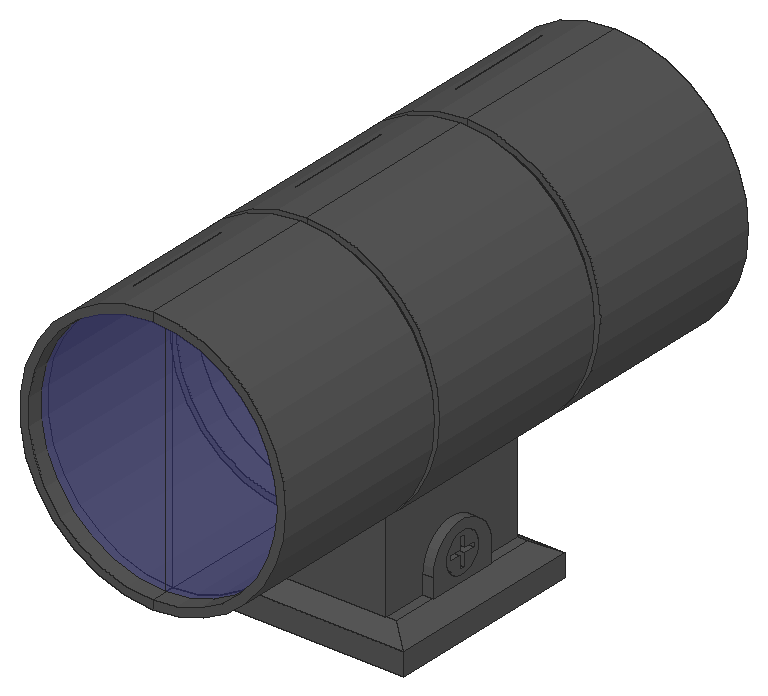
Revit family "CARLO CYLINDER LIGHT WALL MOUNT", category Lighting Fixtures, host Face, Revit 2020 (continued)
Definition of nested family "CARLO CYLINDER (BASE)"
  Reference planes (in)
    plane 1 "Center (Front/Back)": y = 0
    plane 2: z = 0
    plane 3 "Center (Left/Right)": x = 0
    plane 4: z = 8.34
    plane 5: y = 2.265
    plane 6: y = -2.265
    plane 7: x = -2.265
    plane 8: x = 2.265
    plane 9: z = 0.5
    plane 10: z = 0.75
    plane 11: z = 2.00085
    plane 12: x = 1.51275
    plane 13: x = 1.76275
    plane 14: x = -1.51275
    plane 15: x = -1.76275
    plane 16: z = 2.69155
    plane 17: z = 5.51577
    plane 18: y = 6.5
    plane 19: y = -6.5
    plane 20: y = 6.36907
    plane 21: y = 5.61907
    plane 22: y = 1.84375
    plane 23: y = -1.84375
    plane 24: z = 3
  Forms (in)
    Extrusion 1, solid, material <- "Body Material"
      sketch origin (0, 0, 0) x (1, 0, 0) y (0, 1, 0)
        loop
          line (-2.265, 2.265) -> (-2.265, -2.265) -> (2.265, -2.265) -> (2.265, 2.265) -> (-2.265, 2.265)
      from 0 to 0.5
    Blend 2, solid, material <- "Body Material"
      base sketch origin (0, 0, 0) x (1, 0, 0) y (0, 1, 0)
        loop
          line (2.265, 2.265) -> (-2.265, 2.265) -> (-2.265, -2.265) -> (2.265, -2.265) -> (2.265, 2.265)
      top sketch origin (0, 0, 0) x (1, 0, 0) y (0, 1, 0)
        loop
          line (-1.73314, 1.84375) -> (-1.73314, -1.84375) -> (1.76686, -1.84375) -> (1.76686, 1.84375) -> (-1.73314, 1.84375)
      from 0.5 to 0.75
    Extrusion 3, solid, material <- "Body Material"
      sketch origin (0, 0, 0) x (0, 1, 0) y (0, 0, 1)
        loop
          line (0.81453, 0.75) -> (0.81453, 1.16998)
          arc (0.81453, 1.16998) -> (0, 1.98451) -> (-0.81453, 1.16998) r 0.81453
          line (-0.81453, 1.16998) -> (-0.81453, 0.75) -> (0.81453, 0.75)
        loop
          circle (0, 1.33065) r 0.43665
      from 1.51275 to 1.76275
    Extrusion 4, solid, material <- "Body Material"
      sketch origin (0, 0, 0) x (0, 1, 0) y (0, 0, -1)
        loop
          line (0.81453, -0.75) -> (-0.81453, -0.75) -> (-0.81453, -1.16998)
          arc (-0.81453, -1.16998) -> (0, -1.98451) -> (0.81453, -1.16998) r 0.81453
          line (0.81453, -1.16998) -> (0.81453, -0.75)
        loop
          circle (0, -1.33065) r 0.43665
      from 1.51275 to 1.76275
    Extrusion 5, solid, material <- "Body Material"
      sketch origin (0, 0, 0) x (0, 1, 0) y (0, 0, 1)
        loop
          circle (0, 1.33065) r 0.43665
        loop
          line (0.06181, 1.67013) -> (-0.06181, 1.67013) -> (-0.06181, 1.40638) -> (-0.34555, 1.40638) -> (-0.34555, 1.28924) -> (-0.06181, 1.28924) -> (-0.06181, 1.00248) -> (0.06181, 1.00248) -> (0.06181, 1.28924) -> (0.3346, 1.28924) -> (0.3346, 1.40638) -> (0.06181, 1.40638) -> (0.06181, 1.67013)
      from -1.76275 to 1.76686
    Extrusion 6, solid, material <- "Body Material"
      sketch origin (0, 0, 0.1273) x (1, 0, 0) y (0, 0, 1)
        loop
          line (-1.51275, 2.85833) -> (-1.51275, 0.54294) -> (1.51275, 0.54294) -> (1.51275, 2.8727)
          arc (1.51275, 2.8727) -> (0.00194, 2.45618) -> (-1.51275, 2.85833) r 3
      from -1.84375 to 1.84375
  Dimensions and locks (in)
    plane 4 to plane 2 = 0' - 8.34"
    equal spacing: plane 7, plane 3 "Center (Left/Right)", plane 8
    "BOTTOM WIDTH": plane 7 to plane 8
    equal spacing: plane 5, plane 1 "Center (Front/Back)", plane 6
    "BOTTOM LENGTH": plane 5 to plane 6
    locked: plane 9 to plane 2 at 0.5
    locked: plane 10 to plane 9 at 0.25
    locked: plane 12 to plane 3 "Center (Left/Right)" at 1.51275
    locked: plane 13 to plane 12 at 0.25
    locked: plane 15 to plane 14 at 0.25
    equal spacing: plane 4, plane 17, plane 16
    equal spacing: plane 18, plane 1 "Center (Front/Back)", plane 19
    plane 18 to plane 19 = 1' - 1"
    locked: plane 20 to plane 21 at 0.75
    locked: plane 18 to plane 21 at 0.88093
    "BOTTOM WIDTH 1": plane 14 to plane 12
    locked: plane 5 to plane 22 at 0.42125
    locked: plane 6 to plane 23 at 0.42125
    "H": plane 24 to plane 2
    "Base Curve": radius of Extrusion 6 sketch curve
    aligned and locked: plane 2 to level
    aligned and locked: Extrusion 1 sketch curve to plane 5
    aligned and locked: plane 7 to Extrusion 1 sketch curve
    aligned and locked: plane 6 to Extrusion 1 sketch curve
    aligned and locked: Extrusion 1 sketch curve to plane 8
    aligned and locked: Extrusion 1 to plane 2
    aligned and locked: plane 9 to Extrusion 1
    aligned and locked: Blend 2 to plane 9
    aligned and locked: plane 10 to Blend 2
    aligned and locked: Extrusion 3 sketch curve to plane 10
    aligned and locked: Extrusion 3 to plane 12
    aligned and locked: plane 13 to Extrusion 3
    aligned and locked: Extrusion 4 to plane 14
    aligned and locked: plane 15 to Extrusion 4
    aligned and locked: Extrusion 4 to plane 10
    aligned and locked: Extrusion 3 to plane 10
    aligned and locked: plane 14 to Extrusion 6 sketch curve
    aligned and locked: Extrusion 6 sketch curve to plane 12
    aligned and locked: Extrusion 6 to plane 22
    aligned and locked: plane 23 to Extrusion 6
    aligned and locked: plane 24 to Extrusion 6
  Automatic sketch dimensions
    Blend 2 sketch curve to plane 5 = 0' - 0"
    Blend 2 sketch curve to plane 7 = 0' - 0"
    Blend 2 sketch curve to plane 6 = 0' - 0"
    Blend 2 sketch curve to plane 8 = 0' - 0"
    Blend 2 sketch curve to plane 15 = 0' - 0.02961"
    plane 13 to Blend 2 sketch curve = 0' - 0.00411"
    plane 6 to Blend 2 sketch curve = 0' - 0.42125"
    Blend 2 sketch curve to plane 5 = 0' - 0.42125"
    Extrusion 3 sketch curve to plane 1 "Center (Front/Back)" = 0' - 0"  (x2)
    plane 1 "Center (Front/Back)" to Extrusion 3 sketch curve = 0' - 0.81453"
    plane 10 to Extrusion 3 sketch curve = 0' - 0.41998"
    Extrusion 3 sketch curve to Extrusion 3 sketch curve = 0' - 0.16067"
    Extrusion 4 sketch curve to plane 10 = 0' - 0"
    Extrusion 4 sketch curve to plane 1 "Center (Front/Back)" = 0' - 0"  (x2)
    plane 1 "Center (Front/Back)" to Extrusion 4 sketch curve = 0' - 0.81453"
    plane 10 to Extrusion 4 sketch curve = 0' - 0.41998"
    Extrusion 4 sketch curve to Extrusion 4 sketch curve = 0' - 0.16067"
    Extrusion 5 sketch curve to Extrusion 5 sketch curve = 0' - 0"  (x3)
    Extrusion 5 sketch curve to plane 1 "Center (Front/Back)" = 0' - 0"
    plane 1 "Center (Front/Back)" to Extrusion 5 sketch curve = 0' - 0.06181"  (x2)
    Extrusion 5 sketch curve to Extrusion 5 sketch curve = 0' - 0.28375"
    Extrusion 5 sketch curve to plane 1 "Center (Front/Back)" = 0' - 0.06181"  (x2)
    Extrusion 5 sketch curve to Extrusion 5 sketch curve = 0' - 0.27279"
    plane 10 to Extrusion 5 sketch curve = 0' - 0.25248"
    Extrusion 5 sketch curve to Extrusion 5 sketch curve = 0' - 0.28676"
    Extrusion 5 sketch curve to Extrusion 5 sketch curve = 0' - 0.04141"
    Extrusion 5 sketch curve to Extrusion 5 sketch curve = 0' - 0.11714"  (x2)
    Extrusion 5 sketch curve to Extrusion 5 sketch curve = 0' - 0.26375"
    Extrusion 5 sketch curve to Extrusion 5 sketch curve = 0' - 0.0911"
    Extrusion 6 sketch curve to plane 24 = 0' - 0"
    Extrusion 6 sketch curve to plane 3 "Center (Left/Right)" = 0' - 0.0123"
    Extrusion 6 sketch curve to plane 10 = 0' - 0.07975"
    radius of Extrusion 3 sketch curve = 0' - 0.43665"
    radius of Extrusion 4 sketch curve = 0' - 0.43665"
Definition of nested family "CARLO CYLINDER (LIGHT)"
  Parameters (values of type "CARLO CYLINDER (LIGHT)")
    LIGHT RADIUS [instance] = LIGHT DIA / 2  # 0' - 1"
    LIGHT LENGTH [instance] = 1' - 0 127/128"
    LIGHT DIA [instance] = 0' - 2"
    L1 [instance] = LIGHT LENGTH / 3  # 0' - 4.33073"
    Glass [instance] = none
    Default Elevation = 0' - 0"
    Body [instance] = none
  Reference planes (in)
    plane 1 "Center (Front/Back)": y = 0
    plane 2: z = 0
    plane 3 "Center (Left/Right)": x = 0
    plane 4: z = 1
    plane 5: x = 12.99219
    plane 6: x = 4.33073
    plane 7: x = 8.66146
    plane 8: x = 6.49609
  Forms (in)
    Revolve 1, solid, material <- "Body"
      sketch origin (0, 0, 0) x (1, 0, 0) y (0, 0, 1)
        loop
          line (0, 1) -> (0, 0.80469) -> (3.96047, 0.80469) -> (3.96047, 0.64844) -> (4.52604, 0.64844) -> (4.52604, 0.80469) -> (8.46615, 0.80469) -> (8.46615, 0.64844) -> (9.03255, 0.64844) -> (9.03255, 0.80469) -> (12.99219, 0.80469) -> (12.99219, 1) -> (8.83724, 1) -> (8.83724, 0.84375) -> (8.66146, 0.84375) -> (8.66146, 1) -> (4.33073, 1) -> (4.33073, 0.84375) -> (4.15578, 0.84375) -> (4.15578, 1) -> (0, 1)
        axis (12.99219, 0) -> (0, 0)
      angle from 0 to 360
    Revolve 2, solid, material <- "Glass"
      sketch origin (0, 0, 0) x (1, 0, 0) y (0, 0, 1)
        loop
          line (0.35904, 0.80463) -> (0.35904, 0) -> (0.55436, 0) -> (0.55436, 0.80463) -> (0.35904, 0.80463)
        loop
          line (12.63314, 0.80463) -> (12.43783, 0.80463) -> (12.43783, 0) -> (12.63314, 0) -> (12.63314, 0.80463)
        axis (0.35904, 0) -> (12.63314, 0)
      angle from 0 to 360
  Dimensions and locks (in)
    "LIGHT RADIUS": plane 4 to plane 2
    "LIGHT LENGTH": plane 5 to plane 3 "Center (Left/Right)"
    "L1": plane 6 to plane 3 "Center (Left/Right)"
    "L1": plane 5 to plane 7
    locked: Revolve 1 sketch curve to Revolve 1 sketch curve at 0.19531  (x9)
    locked: plane 4 to Revolve 2 sketch curve at 0.19537  (x2)
    locked: Revolve 2 sketch curve to plane 3 "Center (Left/Right)" at 0.35904
    locked: Revolve 2 sketch curve to Revolve 2 sketch curve at 0.19531  (x2)
    equal spacing: plane 5, plane 8, plane 3 "Center (Left/Right)"
    locked: plane 5 to Revolve 2 sketch curve at 0.35904
    aligned and locked: plane 2 to level
    aligned and locked: Revolve 1 sketch curve to plane 5
    aligned and locked: Revolve 1 sketch curve to plane 3 "Center (Left/Right)"
    aligned and locked: Revolve 1 sketch curve to plane 4
    aligned and locked: plane 6 to Revolve 1 sketch curve
    aligned and locked: Revolve 1 sketch curve to plane 7
    aligned and locked: Revolve 2 sketch curve to plane 2  (x2)
    aligned and locked: level to Revolve 1 sketch curve
    aligned and locked: plane 2 to Revolve 2 sketch curve
  Automatic sketch dimensions
    Revolve 2 sketch curve to plane 3 "Center (Left/Right)" = 0' - 1.39096"
    Revolve 2 sketch curve to Revolve 2 sketch curve = 0' - 1"
    Revolve 1 sketch curve to plane 4 = 0' - 0"  (x2)
    Revolve 1 sketch curve to plane 6 = 0' - 0.37026"
    Revolve 1 sketch curve to Revolve 1 sketch curve = 0' - 0 45/256"
    Revolve 1 sketch curve to Revolve 1 sketch curve = 0' - 0 5/32"  (x2)
    Revolve 1 sketch curve to plane 5 = 0' - 1.49326"
    Revolve 1 sketch curve to plane 5 = 0' - 0.35994"
Types (10): name | Wattage_Input | Wattage Comments | Wattage | Photometric Web File | built-in parameter 1150142 | Model | built-in parameter 1150105 | Lumens | Light Length 1 | LIGHT RADIUS | LIGHT PLACEMENT | LIGHT LENGTH | LIGHT DIA | built-in parameter 1150106 | FIXED END HEIGHT | Curve base Height | Base Curve | BEAMING ANGLE | Apparent Load
  (no name) | 35 W | "22W/29W/35W" | 19.5231 W | "CCL6 35W 3000K 25° (up and down light).IES" | "IESNA:LM-63-2002\r\n[TEST] CCL6 35W 3000K 25¡ã (up and down light)\r\n[TESTLAB] EVERFINE\r\n[TESTDATE] 2024-07-06\r\n[ISSUEDATE] 2024-07-06 04:46:50\r\n[NEARFIELD] \r\n[LAMPPOSITION] 0,0\r\n[OTHER] EVERFINE GO-2000_V1 SYSTEM\r\n[MANUFAC] Aboveall lighting\r\nTILT=NONE\r\n1 2994.4 1 361 73 1 2 0.000 0.000 0.000\r\n1.000 1 36.1824\r\n0.0    0.5    1.0    1.5    2.0    2.5    3.0    3.5    4.0    4.5    \r\n 5.0    5.5    6.0    6.5    7.0    7.5    8.0    8.5    9.0    9.5    \r\n 10.0   10.5   11.0   11.5   12.0   12.5   13.0   13.5   14.0   14.5   \r\n 15.0   15.5   16.0   16.5   17.0   17.5   18.0   18.5   19.0   19.5   \r\n 20.0   20.5   21.0   21.5   22.0   22.5   23.0   23.5   24.0   24.5   \r\n 25.0   25.5   26.0   26.5   27.0   27.5   28.0   28.5   29.0   29.5   \r\n 30.0   30.5   31.0   31.5   32.0   32.5   33.0   33.5   34.0   34.5   \r\n 35.0   35.5   36.0   36.5   37.0   37.5   38.0   38.5   39.0   39.5   \r\n 40.0   40.5   41.0   41.5   42.0   42.5   43.0   43.5   44.0   44.5   \r\n 45.0   45.5   46.0   46.5   47.0   47.5   48.0   48.5   49.0   49.5   \r\n 50.0   50.5   51.0   51.5   52.0   52.5   53.0   53.5   54.0   54.5   \r\n 55.0   55.5   56.0   56.5   57.0   57.5   58.0   58.5   59.0   59.5   \r\n 60.0   60.5   61.0   61.5   62.0   62.5   63.0   63.5   64.0   64.5   \r\n 65.0   65.5   66.0   66.5   67.0   67.5   68.0   68.5   69.0   69.5   \r\n 70.0   70.5   71.0   71.5   72.0   72.5   73.0   73.5   74.0   74.5   \r\n 75.0   75.5   76.0   76.5   77.0   77.5   78.0   78.5   79.0   79.5   \r\n 80.0   80.5   81.0   81.5   82.0   82.5   83.0   83.5   84.0   84.5   \r\n 85.0   85.5   86.0   86.5   87.0   87.5   88.0   88.5   89.0   89.5   \r\n 90.0   90.5   91.0   91.5   92.0   92.5   93.0   93.5   94.0   94.5   \r\n 95.0   95.5   96.0   96.5   97.0   97.5   98.0   98.5   99.0   99.5   \r\n 100.0  100.5  101.0  101.5  102.0  102.5  103.0  103.5  104.0  104.5  \r\n 105.0  105.5  106.0  106.5  107.0  107.5  108.0  108.5  109.0  109.5  \r\n 110.0  110.5  111.0  111.5  112.0  112.5  113.0  113.5  114.0  114.5  \r\n 115.0  115.5  116.0  116.5  117.0  117.5  118.0  118.5  119.0  119.5  \r\n 120.0  120.5  121.0  121.5  122.0  122.5  123.0  123.5  124.0  124.5  \r\n 125.0  125.5  126.0  126.5  127.0  127.5  128.0  128.5  129.0  129.5  \r\n 130.0  130.5  131.0  131.5  132.0  132.5  133.0  133.5  134.0  134.5  \r\n 135.0  135.5  136.0  136.5  137.0  137.5  138.0  138.5  139.0  139.5  \r\n 140.0  140.5  141.0  141.5  142.0  142.5  143.0  143.5  144.0  144.5  \r\n 145.0  145.5  146.0  146.5  147.0  147.5  148.0  148.5  149.0  149.5  \r\n 150.0  150.5  151.0  151.5  152.0  152.5  153.0  153.5  154.0  154.5  \r\n 155.0  155.5  156.0  156.5  157.0  157.5  158.0  158.5  159.0  159.5  \r\n 160.0  160.5  161.0  161.5  162.0  162.5  163.0  163.5  164.0  164.5  \r\n 165.0  165.5  166.0  166.5  167.0  167.5  168.0  168.5  169.0  169.5  \r\n 170.0  170.5  171.0  171.5  172.0  172.5  173.0  173.5  174.0  174.5  \r\n 175.0  175.5  176.0  176.5  177.0  177.5  178.0  178.5  179.0  179.5  \r\n 180.0  \r\n0.0    5.0    10.0   15.0   20.0   25.0   30.0   35.0   40.0   45.0   \r\n 50.0   55.0   60.0   65.0   70.0   75.0   80.0   85.0   90.0   95.0   \r\n 100.0  105.0  110.0  115.0  120.0  125.0  130.0  135.0  140.0  145.0  \r\n 150.0  155.0  160.0  165.0  170.0  175.0  180.0  185.0  190.0  195.0  \r\n 200.0  205.0  210.0  215.0  220.0  225.0  230.0  235.0  240.0  245.0  \r\n 250.0  255.0  260.0  265.0  270.0  275.0  280.0  285.0  290.0  295.0  \r\n 300.0  305.0  310.0  315.0  320.0  325.0  330.0  335.0  340.0  345.0  \r\n 350.0  355.0  360.0  \r\n5444.5 5412.5 5376 5333.8 5279.8 5207.8 5119.3 5013.7 4892 4754.1 \r\n 4603.2 4444.3 4272 4080 3876.5 3667.5 3454.2 3239.4 3024.5 2811.1 \r\n 2600.9 2395.2 2196.3 2005.9 1828.2 1668.6 1524.8 1394.9 1283.6 1201.1 \r\n 1129.6 1053 976.47 895.65 823.26 774.73 737.57 703.84 675.37 651.67 \r\n 631.79 614.65 600.09 587.68 577.11 567.92 560.21 554.15 549.01 543.94 \r\n 539.45 535.94 532.85 529.73 526.65 523.54 520.42 517.3 514.16 511 \r\n 507.78 504.53 501.17 497.53 493.95 490.84 487.87 484.85 481.77 478.63 \r\n 475.19 471.06 466.8 463.38 459.33 454.42 445.85 429.76 409.14 385.73 \r\n 359.43 330.27 299.64 269.14 238.06 205.53 173.53 143.08 116.15 96.656 \r\n 79.821 60.1 43.747 37.177 34.369 31.011 28.401 26.465 25.005 23.885 \r\n 22.851 21.493 20.133 19.011 17.958 16.867 15.79 14.747 13.729 12.733 \r\n 11.765 10.822 9.9238 9.096 8.3183 7.5691 6.8779 6.2726 5.7367 5.2639 \r\n 4.8525 4.5074 4.2027 3.9062 3.6406 3.4247 3.2379 3.0643 2.9084 2.7713 \r\n 2.6472 2.5305 2.4223 2.3217 2.2296 2.1493 2.0729 1.9916 1.9127 1.8424 \r\n 1.7762 1.711 1.6479 1.5866 1.5279 1.4723 1.4196 1.3721 1.3232 1.2623 \r\n 1.2033 1.1615 1.1227 1.0749 1.0267 0.98431 0.94241 0.89538 0.85034 0.8156 \r\n 0.78195 0.74243 0.7059 0.68391 0.66148 0.62196 0.58192 0.56041 0.53343 0.47381 \r\n 0.41016 0.37009 0.32947 0.26416 0.20182 0.16937 0.14487 0.1143 0.080845 0.036916 \r\n 0.0008805 0 0 0.040327 0.087212 0.11614 0.13969 0.1618 0.18385 0.20954 \r\n 0.23572 0.25903 0.28386 0.31556 0.34777 0.37439 0.40001 0.4273 0.45607 0.48782 \r\n 0.52009 0.55041 0.58024 0.61005 0.64035 0.67214 0.70443 0.73846 0.77647 0.82368 \r\n 0.8724 0.91367 0.95644 1.0086 1.0643 1.1199 1.1765 1.2336 1.2926 1.3549 \r\n 1.4207 1.4908 1.5648 1.6419 1.7249 1.8167 1.9169 2.0254 2.1449 2.2777 \r\n 2.4249 2.5877 2.7688 2.9693 3.1956 3.4563 3.747 4.053 4.4148 4.8876 \r\n 5.4126 5.9312 6.4975 7.165 7.8766 8.5762 9.3145 10.142 11.003 11.84 \r\n 12.706 13.633 14.627 15.714 16.864 17.978 19.287 20.998 23.089 25.755 \r\n 28.546 30.98 33.339 35.635 38.191 41.414 45.06 47.867 53.295 64.817 \r\n 81.119 102.51 127.59 155.38 185.04 215.51 246.49 277.33 307.98 338.51 \r\n 367.83 395.25 419.69 440.13 455.69 464.01 468.53 471.73 474.16 477.53 \r\n 480.87 483.6 486.21 489.01 491.86 494.74 497.64 500.6 503.58 506.55 \r\n 509.59 512.82 516.18 519.57 523.23 527.4 531.99 536.87 542.43 548.99 \r\n 556.71 565.77 576.41 588.7 603.26 620.62 641.11 664.82 692.95 726.41 \r\n 766.14 813.11 868.11 931.84 1005.6 1090.5 1187.6 1298.3 1423 1563.3 \r\n 1717.1 1882.3 2059.7 2252.9 2452.4 2649 2845.6 3041.8 3238.8 3439.7 \r\n 3638.6 3832 4016.4 4185.4 4343.9 4494.8 4638 4776 4903.8 5016.9 \r\n 5115.3 5196.4 5263.9 5321 5367.7 5405.5 5433.5 5451.5 5459.1 5455.6 \r\n 5509.6 \r\n5444.5 5407.5 5367.8 5322.2 5264.3 5187.7 5094.7 4985.4 4860.6 4720.5 \r\n 4567.2 4404 4227.7 4033.6 3828.9 3618.5 3404.6 3191.4 2978.5 2766.3 \r\n 2556.4 2349.3 2149.5 1960.6 1785.6 1629.8 1489.7 1362.2 1252.3 1169 \r\n 1097.2 1023.6 951.47 875.9 808.33 762.25 726.7 694.71 667.73 645.15 \r\n 626.14 609.69 595.73 583.97 574.02 565.39 558.12 552.26 547.27 542.5 \r\n 538.26 534.78 531.65 528.49 525.4 522.36 519.34 516.28 513.16 509.95 \r\n 506.66 503.31 499.9 496.38 492.95 489.85 486.88 483.94 480.91 477.64 \r\n 474.05 469.82 465.46 462.08 457.58 450.82 439.99 421.94 399.51 374.48 \r\n 346.93 317.15 286.21 255.5 224.34 191.72 159.95 130.45 104.74 86.102 \r\n 70.645 54.13 40.884 35.389 32.933 29.897 27.482 25.787 24.508 23.425 \r\n 22.383 21.064 19.743 18.645 17.608 16.525 15.454 14.416 13.407 12.426 \r\n 11.475 10.547 9.6629 8.8496 8.0877 7.3578 6.6868 6.1013 5.583 5.1208 \r\n 4.7192 4.3891 4.1001 3.8188 3.5658 3.356 3.173 3.0039 2.8523 2.7192 \r\n 2.5991 2.4864 2.3815 2.2818 2.1902 2.1118 2.0376 1.9571 1.8791 1.8106 \r\n 1.746 1.682 1.6197 1.5585 1.4996 1.4438 1.3907 1.3422 1.2928 1.2338 \r\n 1.1764 1.1329 1.0917 1.0429 0.99421 0.95196 0.91077 0.86524 0.82178 0.78785 \r\n 0.75487 0.71568 0.67896 0.65564 0.63172 0.59161 0.55093 0.52756 0.49913 0.44017 \r\n 0.37785 0.33852 0.29916 0.23662 0.17762 0.14886 0.12722 0.095669 0.062592 0.027257 \r\n 0 0 0 0.030849 0.069906 0.10431 0.13557 0.15905 0.18022 0.20352 \r\n 0.22734 0.2507 0.27603 0.30723 0.33889 0.36561 0.39136 0.41824 0.44646 0.47773 \r\n 0.50956 0.54065 0.5718 0.60341 0.63543 0.6676 0.70098 0.73572 0.77422 0.82133 \r\n 0.8699 0.91161 0.95477 1.0067 1.062 1.1177 1.1741 1.2299 1.2875 1.3495 \r\n 1.4147 1.4829 1.5544 1.6283 1.7079 1.7964 1.8934 1.999 2.1148 2.2418 \r\n 2.3818 2.536 2.7071 2.8955 3.1087 3.3557 3.6327 3.9275 4.2741 4.7182 \r\n 5.2132 5.7135 6.2615 6.8989 7.5823 8.2707 8.9989 9.8013 10.639 11.472 \r\n 12.336 13.247 14.215 15.26 16.369 17.481 18.759 20.332 22.238 24.665 \r\n 27.291 29.837 32.362 34.714 37.252 40.428 43.812 46.036 50.362 59.684 \r\n 73.73 94.078 118.08 143.33 170.65 200.57 231.53 261.98 292.43 323.3 \r\n 353.31 381.57 407.31 429.88 448 459.31 466.4 470.54 473.24 476.73 \r\n 480.08 482.95 485.67 488.5 491.35 494.25 497.14 499.95 502.78 505.68 \r\n 508.68 511.89 515.22 518.55 522.11 526.13 530.57 535.33 540.72 546.89 \r\n 554.09 562.55 572.47 583.91 597.47 613.64 632.75 654.94 681.31 712.83 \r\n 750.01 793.14 843.88 903.24 973.47 1058.2 1154.2 1257.5 1373.4 1506.7 \r\n 1654.2 1813.9 1986.5 2174.9 2370.4 2564.8 2760.3 2955.9 3152.9 3353.7 \r\n 3553.3 3748.3 3935.6 4109.8 4273.9 4428.8 4575.4 4716.5 4847.6 4965.6 \r\n 5069.8 5157.8 5232.2 5294.7 5345.9 5387 5418.2 5440.5 5452.7 5453.9 \r\n 5509.6 \r\n5444.5 5403.1 5360.4 5311.7 5250.4 5169.5 5072.5 4960.2 4833 4691.5 \r\n 4536.4 4369.1 4188.8 3993.3 3788.1 3576.8 3362.8 3151.4 2940.8 2730 \r\n 2520.7 2312.2 2111.1 1923.1 1750.2 1597.8 1461.2 1335.8 1226.5 1140.5 \r\n 1066.5 994.92 926.91 857.36 795.5 751.77 717.46 687.06 661.41 639.75 \r\n 621.42 605.53 592.07 580.88 571.5 563.39 556.53 550.8 545.88 541.37 \r\n 537.35 533.82 530.56 527.31 524.16 521.19 518.24 515.2 512.07 508.8 \r\n 505.44 501.99 498.55 495.18 491.92 488.87 485.92 483.08 480.12 476.76 \r\n 473.04 468.82 464.41 460.97 455.83 446.91 433.61 413.88 390.03 363.58 \r\n 334.92 304.7 273.62 242.76 211.57 179.08 147.73 119.31 94.834 76.823 \r\n 62.507 49.287 39.186 34.358 31.81 28.972 26.724 25.21 24.063 22.979 \r\n 21.911 20.644 19.381 18.301 17.271 16.197 15.134 14.104 13.104 12.141 \r\n 11.209 10.296 9.4256 8.6231 7.8735 7.1637 6.5139 5.9461 5.4424 4.9896 \r\n 4.5963 4.2774 4.0009 3.7345 3.4943 3.2893 3.1084 2.9425 2.794 2.664 \r\n 2.5469 2.4376 2.3353 2.2361 2.1448 2.0679 1.9953 1.9161 1.8393 1.7726 \r\n 1.71 1.6471 1.5855 1.5244 1.4652 1.4091 1.3554 1.3053 1.255 1.1988 \r\n 1.144 1.0986 1.0548 1.0053 0.95677 0.9147 0.8743 0.83091 0.7896 0.7563 \r\n 0.72384 0.68532 0.64857 0.62305 0.59697 0.55736 0.51716 0.49123 0.46093 0.40493 \r\n 0.34618 0.30693 0.26787 0.2094 0.15479 0.12804 0.10741 0.075102 0.043307 0.017647 \r\n 0 0 0 0.021959 0.053834 0.094001 0.13317 0.15843 0.17905 0.19993 \r\n 0.22129 0.2449 0.27091 0.3014 0.33233 0.35935 0.38546 0.41194 0.43955 0.47041 \r\n 0.50185 0.53372 0.56626 0.59983 0.63387 0.66745 0.702 0.73805 0.77746 0.82426 \r\n 0.87245 0.91506 0.95909 1.0106 1.0654 1.1213 1.1777 1.232 1.2881 1.3497 \r\n 1.4145 1.4806 1.5493 1.6203 1.6967 1.7817 1.8751 1.978 2.0902 2.2107 \r\n 2.3427 2.4881 2.6491 2.8259 3.0265 3.2596 3.523 3.8093 4.143 4.5562 \r\n 5.0183 5.4994 6.0283 6.633 7.2862 7.965 8.6849 9.4597 10.272 11.104 \r\n 11.967 12.863 13.806 14.807 15.871 16.979 18.225 19.672 21.393 23.528 \r\n 25.938 28.59 31.303 33.759 36.324 39.39 42.561 44.716 48.424 55.501 \r\n 67.088 86.282 109.04 131.47 156.2 185.55 216.52 246.52 276.68 307.77 \r\n 338.31 367.22 394.05 418.53 439.11 453.68 463.69 469.06 472.23 475.9 \r\n 479.23 482.27 485.15 488.02 490.88 493.8 496.68 499.34 501.99 504.83 \r\n 507.81 510.99 514.28 517.54 521.02 524.89 529.15 533.81 539.01 544.78 \r\n 551.45 559.29 568.45 579.03 591.56 606.49 624.17 644.77 669.32 698.77 \r\n 733.46 773.44 820.58 875.64 942.01 1025.8 1119.6 1215 1321.6 1447.6 \r\n 1588.4 1742.3 1909.4 2092 2282.8 2475 2669.6 2865.1 3062.3 3262.9 \r\n 3462.8 3659.3 3849.6 4029.5 4199.8 4359.3 4509.9 4654.1 4788.6 4911.2 \r\n 5021 5116.3 5198.2 5266.8 5323.2 5367.9 5402.5 5429.2 5446.1 5452.3 \r\n 5509.6 \r\n5444.5 5398.8 5353.5 5301.8 5237.2 5152.5 5051.9 4937 4808 4665.5 \r\n 4509 4337.9 4153.8 3957.3 3751.9 3540.1 3326.3 3116.7 2908.2 2699 \r\n 2490.6 2280.9 2078.6 1891.3 1720.1 1570.8 1437.3 1314.1 1205.3 1115.8 \r\n 1038.4 967.9 903.36 840.1 784.36 742.83 709.49 680.51 656.06 635.16 \r\n 617.38 601.96 588.93 578.25 569.36 561.74 555.24 549.59 544.69 540.41 \r\n 536.57 532.96 529.53 526.15 522.93 519.99 517.11 514.06 510.9 507.57 \r\n 504.15 500.63 497.18 493.98 490.91 487.93 485.02 482.29 479.39 475.96 \r\n 472.15 468 463.53 459.83 453.81 442.52 426.66 405.45 380.47 352.8 \r\n 323.2 292.69 261.57 230.61 199.5 167.38 136.72 109.46 86.214 68.761 \r\n 55.479 45.455 38.347 33.878 30.946 28.215 26.105 24.72 23.662 22.55 \r\n 21.444 20.236 19.042 17.975 16.944 15.88 14.827 13.807 12.819 11.873 \r\n 10.959 10.062 9.2061 8.4121 7.6725 6.983 6.3549 5.8033 5.3127 4.8688 \r\n 4.483 4.1723 3.9054 3.6531 3.4254 3.2245 3.045 2.8815 2.7353 2.6077 \r\n 2.4931 2.3865 2.2864 2.1878 2.0966 2.0208 1.9496 1.8717 1.7964 1.7318 \r\n 1.6709 1.6093 1.5483 1.4873 1.4279 1.3714 1.3171 1.2649 1.2135 1.1606 \r\n 1.1088 1.0615 1.015 0.96536 0.9173 0.87549 0.83584 0.79477 0.75548 0.72269 \r\n 0.69061 0.65299 0.61639 0.58821 0.55965 0.52129 0.48237 0.4535 0.42116 0.36971 \r\n 0.31605 0.27649 0.23718 0.18361 0.13396 0.10768 0.086532 0.054041 0.024425 0.008331 \r\n 0 0 0 0.013912 0.039285 0.084595 0.13097 0.15825 0.17877 0.19741 \r\n 0.21642 0.2404 0.26713 0.29671 0.32671 0.35417 0.38083 0.40695 0.43398 0.46443 \r\n 0.49549 0.52804 0.56185 0.5973 0.63338 0.66861 0.70471 0.74255 0.78321 0.82956 \r\n 0.8772 0.92095 0.96611 1.0173 1.0714 1.1276 1.184 1.2369 1.2914 1.3527 \r\n 1.4169 1.481 1.5471 1.6156 1.6893 1.7706 1.8603 1.9606 2.0692 2.1831 \r\n 2.3069 2.4437 2.5951 2.7612 2.95 3.1696 3.42 3.6997 4.022 4.4039 \r\n 4.832 5.2936 5.8033 6.375 6.9979 7.6675 8.3794 9.1267 9.913 10.743 \r\n 11.607 12.491 13.41 14.367 15.387 16.488 17.702 19.038 20.582 22.404 \r\n 24.569 27.304 30.192 32.779 35.402 38.318 41.32 43.758 47.212 52.149 \r\n 61.252 79.127 100.46 120.04 142.18 170.93 201.88 231.41 261.23 292.42 \r\n 323.33 352.71 380.45 406.59 429.47 447.34 460.41 467.25 471.12 475.01 \r\n 478.35 481.57 484.63 487.56 490.45 493.41 496.28 498.78 501.28 504.07 \r\n 507.03 510.18 513.44 516.65 520.04 523.75 527.83 532.38 537.39 542.76 \r\n 548.89 556.1 564.52 574.25 585.77 599.45 615.7 634.72 657.45 684.78 \r\n 717.08 754.49 798.59 849.52 911.83 993.64 1084.4 1171.9 1269.4 1388.1 \r\n 1522.3 1670.1 1831.4 2007.7 2193.2 2383.1 2576.9 2772.6 2970.3 3170.5 \r\n 3370.4 3568.3 3761.6 3947.3 4123.9 4288.4 4443.2 4590.8 4728.8 4855.6 \r\n 4970.8 5073.6 5163.2 5238.2 5300 5348.8 5387 5418 5439.8 5450.9 \r\n 5509.6 \r\n5444.5 5394.3 5346.4 5291.8 5224 5135.9 5032.1 4915 4784.3 4640.9 \r\n 4483.3 4308.7 4121.2 3923.7 3718.2 3506.1 3292.6 3084.5 2877.8 2670.2 \r\n 2462.8 2252.6 2049.7 1862.9 1693.2 1546.7 1416.1 1295.6 1187.9 1094.8 \r\n 1013.8 943.36 881.36 824.14 774.46 734.95 702.41 674.71 651.31 631.06 \r\n 613.75 598.76 586.13 575.9 567.44 560.24 554.07 548.48 543.58 539.49 \r\n 535.8 532.09 528.5 524.99 521.67 518.76 515.92 512.85 509.65 506.28 \r\n 502.82 499.29 495.87 492.84 489.96 487.06 484.21 481.57 478.72 475.23 \r\n 471.35 467.28 462.7 458.44 451.23 437.46 419.06 396.53 370.64 341.94 \r\n 311.56 280.85 249.78 218.77 187.84 156.44 126.76 100.71 78.661 61.863 \r\n 49.631 42.518 38.062 33.743 30.285 27.603 25.604 24.304 23.3 22.143 \r\n 20.99 19.842 18.721 17.662 16.626 15.571 14.53 13.521 12.546 11.618 \r\n 10.722 9.8413 8.9986 8.2121 7.4816 6.8121 6.2055 5.6694 5.1912 4.7568 \r\n 4.3787 4.0739 3.8139 3.5743 3.3585 3.1616 2.9834 2.8221 2.678 2.5525 \r\n 2.4399 2.3357 2.2376 2.1396 2.0487 1.9738 1.9037 1.8273 1.7538 1.6911 \r\n 1.632 1.5714 1.511 1.4502 1.3907 1.3339 1.2789 1.2247 1.1722 1.1224 \r\n 1.0736 1.0244 0.97546 0.92598 0.87874 0.83742 0.79852 0.75915 0.72121 0.68877 \r\n 0.65689 0.62031 0.58404 0.55317 0.52217 0.48549 0.44828 0.41648 0.38219 0.33611 \r\n 0.28833 0.24842 0.20864 0.16033 0.11573 0.088555 0.065704 0.033878 0.0073829 0.000046 \r\n 0 0 0 0.0069669 0.026543 0.075492 0.12742 0.15681 0.17781 0.19461 \r\n 0.21158 0.23597 0.2633 0.29176 0.32067 0.34862 0.37596 0.40184 0.42837 0.4584 \r\n 0.48903 0.52203 0.5568 0.5938 0.63166 0.66853 0.70632 0.74628 0.78851 0.83434 \r\n 0.8813 0.92619 0.97254 1.0235 1.0771 1.1332 1.1895 1.2412 1.2945 1.3555 \r\n 1.4191 1.4813 1.5451 1.6118 1.6832 1.7611 1.8471 1.945 2.0503 2.1577 \r\n 2.2737 2.4028 2.5458 2.7022 2.8804 3.0874 3.3258
